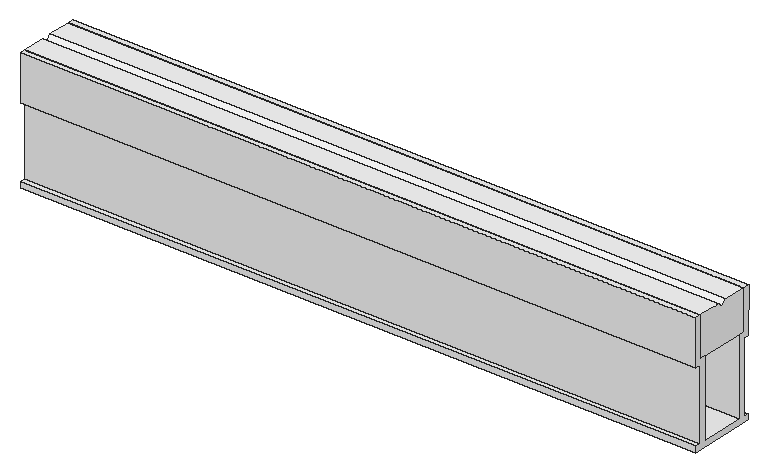
Revit family "4070744+4070745 Feilo Sylvania Lighting Fixture CURSUS 306MM 207LM OVAL LED3K with FRAMED ROUGH IN HOUSING", category Lighting Fixtures, host Face, Revit 2017
Family settings
  Host = Face
  Round Connector Dimension = Use Diameter
  Part Type = Normal
  OmniClass Number = 23.80.70.14
  OmniClass Title = Luminaries for External Lighting
  Cut with Voids When Loaded = Yes
  Light Source = Yes
  Shared = No
  Room Calculation Point = No
Parameters (values of type "4070744 CURSUS 306MM 207LM OVAL LED3K")
  Width = 30 mm
  Weight = "0.6 kg"
  Wattage Comments = "n/a"
  Wattage = 4.5 W
  WarrantyStartDate [instance] = "n/a"
  WarrantyGuarantorParts = "n/a"
  WarrantyDurationUnit = "n/a"
  WarrantyDurationParts = "n/a"
  WarrantyDescription = "n/a"
  built-in parameter 1150110 = 1 (stored number, unit not read)
  Voltage = 24 V
  URL = "http://www.sylvania-lighting.com"
  TypeName = "CURSUS 306MM 207LM OVAL LED3K"
  Type Image = <None>
  Type Comments = "n/a"
  built-in parameter 1114217 = 1 (stored number, unit not read)
  Tilt Angle = -90.00°
  built-in parameter 1150109 = 1 (stored number, unit not read)
  built-in parameter 1150134 = (empty or 0)
  built-in parameter 1150113 = 1 (stored number, unit not read)
  SerialNumber [instance] = "n/a"
  Material_3_FEILO = none
  PowerFactor = 0
  PowerConsumption = "4.5 W"
  Photometric Web File = "4070744.ies"
  NominalLength = 306 mm
  NominalHeight = 50 mm
  NominalDepth = Width  # 30 mm
  Name = "CURSUS 306MM 207LM OVAL LED3K"
  ModelReference = Name  # "CURSUS 306MM 207LM OVAL LED3K"
  ModelNumber = "4070744"
  Model = Name  # "CURSUS 306MM 207LM OVAL LED3K"
  Material = "natural anodised extruded aluminium structure housing, optical system with pmma lenses diffuser"
  ManufacturerName = "Feilo Sylvania"
  Manufacturer = "Feilo Sylvania"
  LuminousEfficacy = "46 lm/W"
  built-in parameter 1150105 = 291.98 (stored number, unit not read)
  Lumens = 207 lm
  LuminaireType = ""
  built-in parameter 1150115 = 1 (stored number, unit not read)
  LightOutputRatio = "100"
  built-in parameter 1150137 = (empty or 0)
  built-in parameter 1150139 = (empty or 0)
  LengthVoidExtrusionRight [instance] = if(EndCapRight, Length / 2, Length / 2 - 2.5 mm)  # 153.5 mm
  LengthVoidExtrusionLeft [instance] = if(EndCapLeft, Length / 2, Length / 2 - 2.5 mm)  # 153.5 mm
  Length = 312 mm
  LampsType = Lamp  # "LED"
  LampNominalLuminous = "207 lm"
  LampMacAdamStep = "n/a"
  LampColourTemperature = "3000 K"
  LampColourRenderingIndex = "80"
  built-in parameter 1150112 = 1 (stored number, unit not read)
  built-in parameter 1150114 = 1 (stored number, unit not read)
  Lamp = "LED"
  Keynote = "16500"
  InstallationDate [instance] = "n/a"
  InputVoltage = "24V DC"
  InputNominalFrequency = "n/a"
  built-in parameter 1150132 = (empty or 0)
  built-in parameter 1150102 = (empty or 0)
  built-in parameter 1150107 = 3000 (stored number, unit not read)
  built-in parameter 1150138 = (empty or 0)
  IngressProtection = "IP67"
  ImpactProtectionIndex = "IK07"
  built-in parameter 1150106 = 2.9198 (stored number, unit not read)
  IfcExportType = "IfcLightFixtureType"
  IfcExportAs = "IfcLightFixtureType"
  ExpectedLife = 50000
  EndCapRight [instance] = no
  EndCapLeft [instance] = no
  Emit from Rectangle Width = Width - 6 mm  # 24 mm
  Emit from Rectangle Length = Length - 6 mm  # 306 mm
  Emit Shape Visible in Rendering = no
  ElectricShockClassification = "Class III"
  built-in parameter 1150104 = 4.2735 (stored number, unit not read)
  DurationUnit = "hours"
  DocumentationLiterature = "http://www.sylvania-lighting.com/product/en-int/products/4070744"
  DimmingControlOptions = "n/a"
  Dimming Lamp Color Temperature Shift = <None>
  Material_2_FEILO = Diffuser-Sylvania-Glow
  Description = "LED Exterior Lighting Recessed Surface Mounted Linear Fixture, Natural anodised extruded aluminium structure. Die-cast aluminium end caps. Installation kit with harmonic steel springs., 207 lm, 4,5W, 46lm/W, 3000K, CRI80+,non dimmable,IP67, IK07, (HxWxD) 306x50x30mm, 3 step Mac Adam Ellipse, 0.6kg,, Classe III, 21-25V-DC, energy class : A++, A+, A"
  Default Elevation = 1219.2 mm
  CreatedOn = "1/8/2018"
  CreatedBy = ""
  Cost = 0
  Color Filter = 16777215
  built-in parameter 1114216 [instance] = (empty or 0)
  ClassificationValue = "EF_70_80"
  ClassificationName = "Uniclass2015"
  Material_1_FEILO = Body-Sylvania-Gray
  BarCode [instance] = "n/a"
  built-in parameter 1114218 = 1 (stored number, unit not read)
  built-in parameter 1150133 = 10 (stored number, unit not read)
  AssetType = "Fixed"
  AssetIdentifier [instance] = "n/a"
  Assembly Code = "D5020200"
  Apparent Load = 4.5 VA
  Material_4_FEILO = Diffuser-Sylvania-Glow
Reference planes
  plane 1 "Center (Front/Back)": y = 0
  plane 2: z = 0
  plane 3 "Center (Left/Right)": x = 0
  plane 4: y = 15
  plane 5: y = -15
  plane 6: x = 156
  plane 7: x = -156
  plane 8: x = -153.5
  plane 9: y = 12.5
  plane 10: y = -12.5
  plane 11: x = 153.5
  plane 12: z = -55
  plane 13: z = -52.5
  plane 14: z = -2
  plane 15: y = -10
  plane 16: z = -18
  plane 17: z = -20.5
  plane 18: y = 10
Forms (mm)
  Extrusion 1, solid, material "Body-Sylvania-Gray" <- "Material_1_FEILO"
    sketch origin (0, 0, -32.5) x (0, 1, 0) y (0, 0, 1)
      loop
        line (15, -22.5) -> (15, -20) -> (12.5, -20) -> (12.5, 12) -> (15, 12) -> (15, 32.5) -> (12.5, 32.5) -> (12.5, 14.5) -> (10, 14.5) -> (10, -20) -> (-10, -20) -> (-10, 14.5) -> (-12.5, 14.5) -> (-12.5, 32.5) -> (-15, 32.5) -> (-15, 12) -> (-12.5, 12) -> (-12.5, -20) -> (-15, -20) -> (-15, -22.5) -> (15, -22.5)
    from -153.5 to 153.5
  Extrusion 2, solid, material "Body-Sylvania-Gray" <- "Material_1_FEILO", visible <- "EndCapRight"
    sketch origin (156, 1524, 1219.2) x (0, 1, 0) y (0, 0, 1)
      loop
        line (-1539, -1274.2) -> (-1509, -1274.2) -> (-1509, -1219.2) -> (-1539, -1219.2) -> (-1539, -1274.2)
    from 0 to -2.5
  Extrusion 3, solid, material "Body-Sylvania-Gray" <- "Material_1_FEILO", visible <- "EndCapLeft"
    sketch origin (-156, 1524, 1219.2) x (0, 1, 0) y (0, 0, 1)
      loop
        line (-1539, -1274.2) -> (-1509, -1274.2) -> (-1509, -1219.2) -> (-1539, -1219.2) -> (-1539, -1274.2)
    from 0 to 2.5
  Extrusion 4, solid, material "Diffuser-Sylvania-Glow" <- "Material_2_FEILO"
    sketch origin (0, 0, 0) x (0, 1, 0) y (0, 0, 1)
      loop
        line (-12.5, 0) -> (-12.5, -18) -> (12.5, -18) -> (12.5, 0) -> (2, 0) -> (0, -2) -> (-2, 0) -> (-12.5, 0)
    from -153.5 to 153.5
  Extrusion 5, void
    sketch origin (0, 0, 0) x (1, 0, 0) y (0, 1, 0)
      loop
        line (-153.5, 15) -> (-153.5, -15) -> (153.5, -15) -> (153.5, 15) -> (-153.5, 15)
    from 0 to -55
Dimensions and locks
  equal spacing: plane 5, plane 1 "Center (Front/Back)", plane 4
  equal spacing: plane 7, plane 3 "Center (Left/Right)", plane 6
  "Length": plane 7 to plane 6
  equal spacing: plane 8, plane 3 "Center (Left/Right)", plane 11
  equal spacing: plane 10, plane 1 "Center (Front/Back)", plane 9
  locked: plane 5 to plane 10 at 2.5
  "Width": plane 5 to plane 4
  locked: plane 2 to plane 12 at 55
  locked: plane 12 to plane 13 at 2.5
  "LengthVoidExtrusionLeft": Extrusion 5 sketch curve to plane 3 "Center (Left/Right)"
  "LengthVoidExtrusionRight": plane 3 "Center (Left/Right)" to Extrusion 5 sketch curve
  plane 2 to plane 14 = 2 mm
  locked: plane 7 to plane 8 at 2.5
  locked: plane 2 to plane 16 at 18
  locked: plane 17 to plane 16 at 2.5
  equal spacing: plane 15, plane 1 "Center (Front/Back)", plane 18
  locked: plane 10 to plane 15 at 2.5
  locked: plane 14 to Extrusion 4 sketch curve (angle 45.00°)
  locked: Extrusion 4 sketch curve to plane 14 (angle 45.00°)
  aligned and locked: plane 2 to host face
  aligned and locked: level to host face
  aligned and locked: plane 4 to Extrusion 1 sketch curve
  aligned and locked: Extrusion 1 sketch curve to plane 5
  aligned and locked: plane 10 to Extrusion 1 sketch curve  (x2)
  aligned and locked: Extrusion 1 sketch curve to plane 9  (x2)
  aligned and locked: plane 8 to Extrusion 3
  aligned and locked: Extrusion 3 to plane 7
  aligned and locked: Extrusion 4 to plane 8
  aligned and locked: plane 11 to Extrusion 4
  aligned and locked: imposter light to plane 1 "Center (Front/Back)"
  aligned and locked: plane 3 "Center (Left/Right)" to imposter light
  aligned and locked: plane 12 to Extrusion 1
  aligned and locked: Extrusion 1 to plane 13
  aligned and locked: level to Extrusion 1  (x2)
  aligned and locked: plane 2 to imposter light
  aligned and locked: plane 11 to Extrusion 1
  aligned and locked: Extrusion 1 to plane 8
  aligned and locked: plane 12 to Extrusion 3 sketch curve
  aligned and locked: plane 5 to Extrusion 3 sketch curve
  aligned and locked: Extrusion 3 sketch curve to plane 4
  aligned and locked: Extrusion 2 sketch curve to plane 4
  aligned and locked: plane 5 to Extrusion 2 sketch curve
  aligned and locked: plane 12 to Extrusion 2 sketch curve
  aligned and locked: plane 9 to Extrusion 4 sketch curve
  aligned and locked: Extrusion 4 sketch curve to plane 10
  aligned and locked: Extrusion 5 sketch curve to plane 4
  aligned and locked: plane 5 to Extrusion 5 sketch curve
  aligned and locked: Extrusion 5 to Extrusion 1
  aligned and locked: level to Extrusion 5
  aligned and locked: plane 14 to Extrusion 4 sketch curve
  aligned and locked: Extrusion 4 sketch curve to plane 16
  aligned and locked: Extrusion 1 sketch curve to Extrusion 1 sketch curve  (x3)
  aligned and locked: Extrusion 1 sketch curve to Extrusion 4
  aligned and locked: plane 15 to Extrusion 1 sketch curve
  aligned and locked: plane 17 to Extrusion 1 sketch curve
  aligned and locked: plane 5 to Extrusion 1 sketch curve
  aligned and locked: Extrusion 1 sketch curve to plane 16
  aligned and locked: plane 18 to Extrusion 1 sketch curve
  aligned and locked: Extrusion 1 sketch curve to plane 17
  aligned and locked: Extrusion 1 sketch curve to Extrusion 2
Automatic sketch dimensions
  host sketch curve to host sketch curve = 2438.4 mm  (x2)
  Extrusion 3 sketch curve to level = 0 mm
  Extrusion 2 sketch curve to level = 0 mm
  Extrusion 4 sketch curve to level = 0 mm  (x2)
  Extrusion 4 sketch curve to plane 1 "Center (Front/Back)" = 0 mm
  plane 12 to Extrusion 1 sketch curve = 0 mm
  plane 13 to Extrusion 1 sketch curve = 0 mm
  Extrusion 1 sketch curve to level = 0 mm  (x2)
Connectors
  electrical at (0, 0, 0), driven by "Apparent Load", driven by "PowerFactor", driven by "Voltage"
    settings: index 1, voltage 24 V, apparent load 4.5 VA, apparent load phase1 0 VA, apparent load phase2 0 VA, apparent load phase3 0 VA, power factor 0, load classification "Lighting", number of poles 1, system type 30, power factor state 1, is connector primary yes, connector utility no, sub classification motor no, connector description ""
